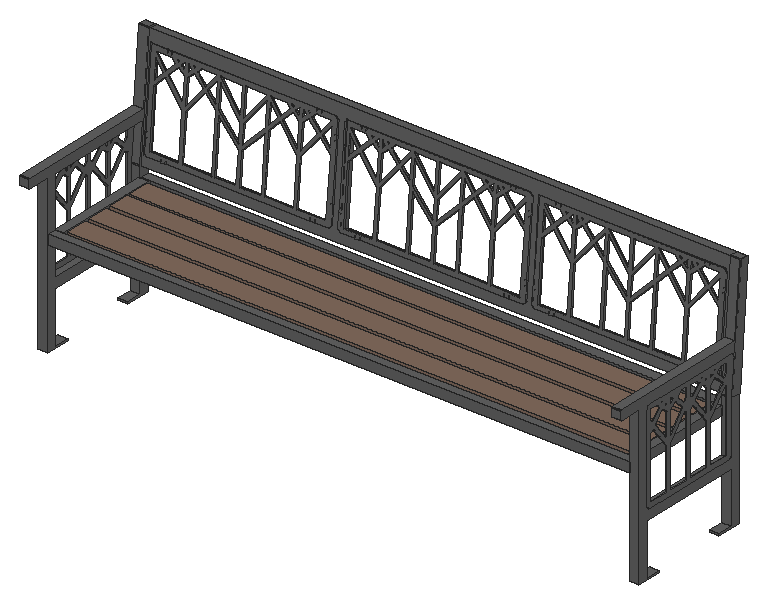
Revit family
Parameters (values of type "BN1-2000")
  Type Comments = "Backed Bench"
  Side Panel Width = Length  # 8' - 0"
  Seat Material = Wood - SiteScapes - IPE - Brown
  Product Page URL = "http://www.sitescapesonline.com/banning-park-benches.asp"
  Product Documentation Link = "http://www.sitescapesonline.com/PDF/BN1-2000%20-%20Customer%20Print.PDF"
  Panel Back Width = 7' - 7"
  Panel Back Inset Back = 0' - 2 7/8"
  Model = "BN1-2000"
  Manufacturer = "SiteScapes Inc."  # constant formula
  Length = 8' - 0"
  Height = 3' - 1 159/256"  # constant formula
  Frame Width = 7' - 9"
  Bench Material = Steel - SiteScapes - Powder Coat - Onyx
  Frame Back Inset Back = 0' - 1 1/4"
  Description = "Banning Pattern, Backed Bench, Six foot length, Steel Bar Ends"
  Depth = 2' - 1 3/16"  # constant formula
  Copyright © = " 2010 SiteScapes Inc."  # constant formula
  Bracing Width [instance] = 1' - 8"
  Panel Back Type = Panel-Back-SiteScapes-Steel_Sheet_Metal-8ft : 5 5/8"x1' 3 5/8"
  Panel Type = Seat-Panel-SiteScapes-Slat : Wood_Slats-8ft
  Bracing Horizontal Type = Bracing-Horizontal-SiteScapes-Square_Steel_Tube : Square_Steel_Tube-8ft
  Frame Type = Frame-Type-SiteScapes-Square_Steel_Tube-8ft : 5 5/8"x1' 3 13/32"
Reference planes (in)
  plane 1 "Center Front/Back": y = 0
  plane 2 "Original Bottom": z = 0
  plane 3 "Center Left/Right": x = 0
  plane 4 "Left": x = -48
  plane 5 "Right": x = 48
  plane 6 "Side Panel Width L": x = -46.5
  plane 7 "Side Panel Width R": x = 46.5
  plane 8 "Front": y = -25.1875
  plane 9 "Frame Side Origin F/B": y = -3
  plane 10 "Frame Side Origin T/B": z = 0
  plane 11 "Frame Back Origin F/B": y = -1.25
  plane 12 "Frame Back Origin T/B": z = 37.625
  plane 13 "Bracing Origin F/B": y = -23
  plane 14 "Bracing Origin T/B": z = 17
  plane 15 "Panel Seat Origin F/B": y = -21.5
  plane 16 "Panel Seat Origin T/B": z = 17
  plane 17 "Panel Back Origin F/B": y = -2.875
  plane 18 "Panel Back Origin T/B": z = 35.75
  plane 19 "Panel Side Origin F/B": y = -4.625
  plane 20 "Panel Side Origin T/B": z = 10
  plane 21 "Top": z = 37.62109
  plane 22 "Side Panel Right": x = 48
  plane 23 "Side Panel Left": x = -48
  plane 24 "Arm Rest Origin T/B": z = 0
Dimensions and locks (in)
  equal spacing: plane 4 "Left", plane 3 "Center Left/Right", plane 5 "Right"
  "Length": plane 4 "Left" to plane 5 "Right"
  locked: plane 23 "Side Panel Left" to plane 6 "Side Panel Width L" at 1.5
  locked: plane 7 "Side Panel Width R" to plane 22 "Side Panel Right" at 1.5
  locked: plane 9 "Frame Side Origin F/B" to plane 1 "Center Front/Back" at 3
  "Panel Back Inset Back": plane 17 "Panel Back Origin F/B" to plane 1 "Center Front/Back"
  "Frame Back Inset Back": plane 11 "Frame Back Origin F/B" to plane 1 "Center Front/Back"
  locked: plane 19 "Panel Side Origin F/B" to plane 1 "Center Front/Back" at 4.625
  locked: plane 13 "Bracing Origin F/B" to plane 1 "Center Front/Back" at 23
  locked: plane 15 "Panel Seat Origin F/B" to plane 1 "Center Front/Back" at 21.5
  "Depth": plane 8 "Front" to plane 1 "Center Front/Back"
  locked: plane 10 "Frame Side Origin T/B" to plane 2 "Original Bottom"
  locked: plane 12 "Frame Back Origin T/B" to plane 2 "Original Bottom" at 37.625
  locked: plane 18 "Panel Back Origin T/B" to plane 2 "Original Bottom" at 35.75
  locked: plane 14 "Bracing Origin T/B" to plane 2 "Original Bottom" at 17
  locked: plane 20 "Panel Side Origin T/B" to plane 2 "Original Bottom" at 10
  locked: plane 16 "Panel Seat Origin T/B" to plane 2 "Original Bottom" at 17
  "Height": plane 21 "Top" to plane 2 "Original Bottom"
  equal spacing: plane 23 "Side Panel Left", plane 3 "Center Left/Right", plane 22 "Side Panel Right"
  "Side Panel Width": plane 23 "Side Panel Left" to plane 22 "Side Panel Right"
  locked: plane 24 "Arm Rest Origin T/B" to plane 2 "Original Bottom" at 0
  plane 9 "Frame Side Origin F/B" to plane 13 "Bracing Origin F/B" = 1' - 8"
  aligned and locked: level to plane 2 "Original Bottom"
  aligned: nested 1 to plane 5 "Right"
  aligned: plane 4 "Left" to nested 2
  aligned: plane 10 "Frame Side Origin T/B" to nested 1  (x2)
  aligned: nested 1 to plane 9 "Frame Side Origin F/B"
  aligned and locked: plane 3 "Center Left/Right" to nested 3
  aligned and locked: nested 3 to plane 17 "Panel Back Origin F/B"
  aligned and locked: plane 18 "Panel Back Origin T/B" to nested 3
  aligned and locked: plane 12 "Frame Back Origin T/B" to nested 4
  aligned and locked: nested 4 to plane 11 "Frame Back Origin F/B"
  aligned and locked: plane 3 "Center Left/Right" to nested 4
  aligned: nested 1 to plane 22 "Side Panel Right"  (x2)
  aligned: plane 23 "Side Panel Left" to nested 2  (x3)
  aligned and locked: plane 24 "Arm Rest Origin T/B" to nested 5
  aligned: plane 3 "Center Left/Right" to nested 5
  aligned and locked: plane 10 "Frame Side Origin T/B" to nested 2
  aligned and locked: nested 1 to plane 9 "Frame Side Origin F/B"
  aligned and locked: plane 10 "Frame Side Origin T/B" to nested 1
  aligned: nested 2 to plane 9 "Frame Side Origin F/B"
  aligned: plane 13 "Bracing Origin F/B" to nested 2  (x2)
  aligned: plane 15 "Panel Seat Origin F/B" to nested 2
  aligned and locked: nested 2 to plane 6 "Side Panel Width L"
  aligned and locked: plane 7 "Side Panel Width R" to nested 1
  aligned and locked: plane 16 "Panel Seat Origin T/B" to nested 6
  aligned: plane 15 "Panel Seat Origin F/B" to nested 6  (x2)
  aligned and locked: nested 2 to plane 9 "Frame Side Origin F/B"
  aligned and locked: plane 20 "Panel Side Origin T/B" to nested 7
  aligned and locked: plane 20 "Panel Side Origin T/B" to nested 8
  aligned and locked: nested 7 to plane 19 "Panel Side Origin F/B"
  aligned and locked: nested 8 to plane 19 "Panel Side Origin F/B"
  aligned and locked: plane 23 "Side Panel Left" to nested 7
  aligned and locked: nested 8 to plane 22 "Side Panel Right"
  aligned and locked: plane 3 "Center Left/Right" to nested 9
  aligned and locked: plane 14 "Bracing Origin T/B" to nested 9
  aligned and locked: plane 13 "Bracing Origin F/B" to nested 9
  aligned and locked: plane 3 "Center Left/Right" to nested 6
Nested families (in)
  nested 1: "Frame-Side-SiteScapes-Wall_Steel_Tubing" at (47.25, -3, 0), type "27 3/4"x33 7/8""
  nested 2: "Frame-Side-SiteScapes-Wall_Steel_Tubing" at (-47.25, -3, 0), type "27 3/4"x33 7/8""
  nested 3: "Panel-Back-SiteScapes-Steel_Sheet_Metal-8ft" at (-1.75046, -2.875, 20.12747), type <- "Panel Back Type", type "5 5/8"x1' 3 5/8""
    with Depth 0' - 1 1/2"
  nested 4: "Frame-Type-SiteScapes-Square_Steel_Tube-8ft" at (0, -1.25, 18.56589), type <- "Frame Type", type "5 5/8"x1' 3 13/32""
  nested 5: "Unused-SiteScapes-Component" at (-0.25, -4.75, 0), type "Empty Space"
  nested 6: "Seat-Panel-SiteScapes-Slat" at (0, -5.0625, 16), type <- "Panel Type", type "Wood_Slats-8ft"
  nested 7: "Bench-End-SiteScapes-Square_Steel_Tube" at (-47.91016, -4.625, 10), type "1'8 3/4x9 1/4"x 5/16""
  nested 8: "Bench-End-SiteScapes-Square_Steel_Tube" at (47.91016, -4.625, 10), type "1'8 3/4x9 1/4"x 5/16""
  nested 9: "Bracing-Horizontal-SiteScapes-Square_Steel_Tube" at (0, -3, 15.5), type <- "Bracing Horizontal Type", type "Square_Steel_Tube-8ft"
    with Has Support Bars yes
Definition of nested family "Frame-Side-SiteScapes-Wall_Steel_Tubing"
  Parameters (values of type "27 3/4"x33 7/8"")
    Width = 0' - 1 1/2"
    Product Page URL = ""
    Product Documentation Link = ""
    Material = Steel - SiteScapes - Powder Coat - Onyx
    Frame Back Height = 2' - 9 7/8"
    Depth = 1' - 11.49714"
    Copyright © = ""
    Bracing Height Inset = 0' - 10"
    Assembly Code = ""
    Arm Rest Height = 2' - 2 1/4"
  Reference planes (in)
    plane 1 "Center (Front/Back)": y = 0
    plane 2 "Original Bottom": z = 0
    plane 3 "Center (Left/Right)": x = 0
    plane 4 "Left": x = -0.75
    plane 5 "Right": x = 0.75
    plane 6 "Right Offset": x = 1
    plane 7 "Left Offset": x = -1
    plane 8 "Bottom Base": z = 0.25
    plane 9 "Back Inset": y = -4
    plane 10 "Front": y = -20
    plane 11 "Front Inset": y = -16
    plane 12: z = 26.5
    plane 13: z = 10
  Forms (in)
    Sweep 1, solid, material "Steel - SiteScapes - Powder Coat - Onyx" <- "Material", detail levels medium+fine
      path origin (0, 0, 0) x (1, 0, 0) y (0, 0, 1)
        loop
          line (0.75, 33.875) -> (-0.75, 33.875)
      profile origin (0, 0, 33.875) x (0, 0, -1) y (0, -1, 0)
        loop
          line (15.33134, 0) -> (33.625, 0) -> (33.875, 0) -> (33.875, 4) -> (33.625, 4) -> (33.625, 1.5) -> (25.375, 1.5) -> (25.375, 18.5) -> (33.625, 18.5) -> (33.625, 16) -> (33.875, 16) -> (33.875, 20) -> (33.625, 20) -> (8.875, 20) -> (8.875, 23.49714) -> (8.75, 23.49714) -> (8.75, 23.62214) -> (7.5, 23.62214) -> (7.5, 23.49714) -> (7.375, 23.49714) -> (7.375, 0.80964) -> (-3.77059, -0.16547) -> (-3.75969, -0.29) -> (-3.88422, -0.30089) -> (-3.77527, -1.54613) -> (-3.65075, -1.53524) -> (-3.63986, -1.65976) -> (15.33134, 0)
        loop
          line (23.875, 1.5) -> (23.875, 18.5) -> (8.875, 18.5) -> (8.875, 0.94087) -> (15.15854, 1.49061)
          arc (15.15854, 1.49061) -> (15.26736, 1.49768) -> (15.37638, 1.5) r 2.5
          line (15.37638, 1.5) -> (23.875, 1.5)
  Lines and regions (in)
    Masking region 1, detail levels medium+fine
      outline origin (0, -27.75, 0) x (-1, 0, 0) y (0, 0, 1)
        loop
          line (0.75, 0) -> (0.75, 37.75922) -> (-0.75, 37.75922) -> (-0.75, 0) -> (0.75, 0)
    Masking region 2, detail levels medium+fine
      outline origin (0, 0, 0) x (0, 1, 0) y (0, 0, 1)
        loop
          line (-20, 0.25) -> (-20, 0) -> (-16, 0) -> (-16, 0.25) -> (-18.5, 0.25) -> (-18.5, 8.5) -> (-1.5, 8.5) -> (-1.5, 0.25) -> (-4, 0.25) -> (-4, 0) -> (0, 0) -> (0, 0.25) -> (0, 18.54366) -> (1.65976, 37.51486) -> (0.16547, 37.64559) -> (-0.80964, 26.5) -> (-23.49714, 26.5) -> (-23.49714, 26.25) -> (-23.49714, 25.25) -> (-23.49714, 25) -> (-20, 25) -> (-20, 0.25)
        loop
          line (-18.5, 25) -> (-18.5, 10) -> (-1.5, 10) -> (-1.5, 18.49862)
          arc (-1.5, 18.49862) -> (-1.49768, 18.60764) -> (-1.49061, 18.71646) r 2.5
          line (-1.49061, 18.71646) -> (-0.94087, 25) -> (-18.5, 25)
    Masking region 3, detail levels medium+fine
      outline origin (0, 0, 0) x (1, 0, 0) y (0, 1, 0)
        loop
          line (-0.75, 1.65976) -> (-0.75, -23.62214) -> (0.75, -23.62214) -> (0.75, 1.65976) -> (-0.75, 1.65976)
    model lines, detail levels coarse
      curve 1: line (0, -20, 0) -> (0, -16, 0)
      curve 2: line (0, -4, 0) -> (0, 0, 0)
      curve 3: line (0, -19.25, 25.75) -> (0, -19.25, 0)
      curve 4: line (0, -19.25, 9.25) -> (0, -0.75, 9.25)
      curve 5: line (0, -0.75, 0) -> (0, -0.75, 18.71646)
      curve 6: line (0, -23.49714, 25.75) -> (0, -0.13464, 25.75)
      curve 7: line (0, 0.90046, 37.58128) -> (0, -0.75, 18.71646)
  Dimensions and locks (in)
    equal spacing: plane 4 "Left", plane 3 "Center (Left/Right)", plane 5 "Right"
    "Width": plane 4 "Left" to plane 5 "Right"
    plane 5 "Right" to plane 6 "Right Offset" = 0' - 0 1/4"
    locked: plane 7 "Left Offset" to plane 4 "Left" at 0.25
    locked: plane 8 "Bottom Base" to plane 2 "Original Bottom" at 0.25
    "Arm Rest Height": plane 12 to plane 8 "Bottom Base"
    "Bracing Height Inset": plane 13 to plane 2 "Original Bottom"
    aligned and locked: plane 2 "Original Bottom" to level
    aligned: Masking region 1 to plane 6 "Right Offset"  (x3)
    aligned: Masking region 1 to plane 7 "Left Offset"  (x3)
    aligned: Masking region 1 to plane 5 "Right"
    aligned: Masking region 1 to plane 4 "Left"
    aligned and locked: level to Masking region 1
    aligned: Sweep 1 to Masking region 3 sketch curve
    aligned: Masking region 1 to Sweep 1  (x2)
    aligned: Masking region 1 to plane 8 "Bottom Base"  (x2)
    aligned and locked: Sweep 1 to plane 9 "Back Inset"
    aligned and locked: Sweep 1 to plane 1 "Center (Front/Back)"
    aligned and locked: Sweep 1 to plane 10 "Front"
    aligned and locked: Masking region 2 to plane 9 "Back Inset"
    aligned and locked: Masking region 2 to plane 1 "Center (Front/Back)"
    aligned and locked: plane 11 "Front Inset" to Sweep 1
    aligned and locked: Masking region 2 to Sweep 1  (x7)
    aligned and locked: Masking region 2 to plane 10 "Front"
    aligned and locked: Sweep 1 to Masking region 2  (x2)
    aligned and locked: plane 8 "Bottom Base" to Masking region 2
    aligned and locked: plane 11 "Front Inset" to Masking region 2
    aligned and locked: Masking region 2 to level  (x2)
    aligned and locked: Masking region 1 to Sweep 1
    aligned and locked: Masking region 3 to Sweep 1  (x2)
    aligned and locked: plane 12 to Sweep 1
    aligned and locked: plane 13 to Sweep 1
    aligned and locked: curve 1 to Masking region 2
    aligned and locked: curve 2 to Masking region 2
    aligned: Sweep 1 to Masking region 1 sketch curve
    aligned: plane 7 "Left Offset" to Sweep 1
    aligned: plane 6 "Right Offset" to Sweep 1
    aligned and locked: Sweep 1 to plane 2 "Original Bottom"
    aligned: Sweep 1 to plane 7 "Left Offset"  (x2)
    aligned: Sweep 1 to plane 6 "Right Offset"  (x2)
    aligned and locked: plane 5 "Right" to Sweep 1 sketch curve
    aligned and locked: plane 4 "Left" to Sweep 1 sketch curve
    aligned and locked: Masking region 1 sketch curve to plane 5 "Right"
    aligned and locked: Masking region 1 sketch curve to Sweep 1
    aligned and locked: Masking region 3 sketch curve to plane 5 "Right"
    aligned and locked: Masking region 3 sketch curve to plane 4 "Left"
  Automatic sketch dimensions
    Sweep 1 sketch curve to plane 1 "Center (Front/Back)" = 0' - 0"
    Sweep 1 sketch curve to plane 1 "Center (Front/Back)" = 0' - 0.30089"
    profile plane to Sweep 1 sketch curve = 0' - 3.88422"
    Sweep 1 sketch curve to plane 1 "Center (Front/Back)" = 0' - 1.54613"
    Sweep 1 sketch curve to Sweep 1 sketch curve = 0' - 0.10895"
    Sweep 1 sketch curve to plane 1 "Center (Front/Back)" = 0' - 0.16547"
    Sweep 1 sketch curve to Sweep 1 sketch curve = 0' - 0.11363"
    Sweep 1 sketch curve to plane 1 "Center (Front/Back)" = 0' - 0.29"
    Sweep 1 sketch curve to plane 1 "Center (Front/Back)" = 0' - 1.53524"
    Sweep 1 sketch curve to Sweep 1 sketch curve = 0' - 0.12452"
    Sweep 1 sketch curve to plane 1 "Center (Front/Back)" = 0' - 1.65976"
    plane 1 "Center (Front/Back)" to Sweep 1 sketch curve = 0' - 0.80964"
    Sweep 1 sketch curve to profile plane = 0' - 7 3/8"
    Sweep 1 sketch curve to Sweep 1 sketch curve = 0' - 0 1/8"  (x3)
    Sweep 1 sketch curve to Sweep 1 sketch curve = 0' - 1 1/4"
    Sweep 1 sketch curve to Sweep 1 sketch curve = 0' - 0"  (x4)
    plane 1 "Center (Front/Back)" to Sweep 1 sketch curve = 0' - 1.49061"
    Sweep 1 sketch curve to Sweep 1 sketch curve = 0' - 6.28354"
    Sweep 1 sketch curve to Sweep 1 sketch curve = 0' - 0.1728"
    Sweep 1 sketch curve to Sweep 1 sketch curve = 0' - 0.04366"
    Sweep 1 sketch curve to Sweep 1 sketch curve = 0' - 0.21784"
    Sweep 1 sketch curve to Sweep 1 sketch curve = 0' - 8.49862"
    Sweep 1 sketch curve to Sweep 1 sketch curve = 0' - 1 1/2"  (x2)
    plane 1 "Center (Front/Back)" to Sweep 1 sketch curve = 0' - 1 1/2"
    Sweep 1 sketch curve to Sweep 1 sketch curve = 0' - 8 1/4"  (x2)
    Sweep 1 sketch curve to Sweep 1 sketch curve = 0' - 0 1/4"  (x2)
    Sweep 1 sketch curve to plane 1 "Center (Front/Back)" = 0' - 1"
    plane 1 "Center (Front/Back)" to Sweep 1 sketch curve = 0' - 0.94087"
    Sweep 1 sketch curve to Sweep 1 sketch curve = 0' - 2 1/2"  (x3)
    Sweep 1 sketch curve to Sweep 1 sketch curve = 1' - 0"
    Sweep 1 sketch curve to Sweep 1 sketch curve = 0' - 3.49714"
    Masking region 2 sketch curve to plane 12 = 0' - 0"
    Masking region 2 sketch curve to plane 10 "Front" = 0' - 0"
    Masking region 2 sketch curve to plane 13 = 0' - 0"
    Masking region 2 sketch curve to plane 8 "Bottom Base" = 0' - 0"
    Masking region 2 sketch curve to plane 11 "Front Inset" = 0' - 0"
    Masking region 2 sketch curve to plane 9 "Back Inset" = 0' - 0"
    Masking region 2 sketch curve to plane 1 "Center (Front/Back)" = 0' - 0"
    Masking region 2 sketch curve to level = 0' - 0"  (x2)
    Masking region 2 sketch curve to plane 10 "Front" = 0' - 3.49714"
    plane 10 "Front" to Masking region 2 sketch curve = 0' - 1 1/2"
    Masking region 2 sketch curve to Masking region 2 sketch curve = 0' - 0"
    plane 8 "Bottom Base" to Masking region 2 sketch curve = 0' - 0"  (x3)
    plane 1 "Center (Front/Back)" to Masking region 2 sketch curve = 0' - 1 1/2"  (x2)
    Masking region 2 sketch curve to Masking region 2 sketch curve = 0' - 0.00939"
    plane 1 "Center (Front/Back)" to Masking region 2 sketch curve = 0' - 0.94087"
    plane 1 "Center (Front/Back)" to Masking region 2 sketch curve = 0' - 0.80964"
    Masking region 2 sketch curve to plane 1 "Center (Front/Back)" = 0' - 0.16547"
    Masking region 2 sketch curve to plane 1 "Center (Front/Back)" = 0' - 1"
    Masking region 2 sketch curve to Masking region 2 sketch curve = 0' - 1.49429"
    Masking region 2 sketch curve to Masking region 2 sketch curve = 0' - 1 1/2"
    Masking region 2 sketch curve to plane 12 = 0' - 8.00138"
    Masking region 2 sketch curve to Masking region 2 sketch curve = 0' - 0.00138"
    Masking region 2 sketch curve to Masking region 2 sketch curve = 0' - 0.04366"
    Masking region 2 sketch curve to plane 12 = 0' - 1 1/2"  (x2)
    Masking region 2 sketch curve to Masking region 2 sketch curve = 0' - 0 1/4"  (x2)
    plane 12 to Masking region 2 sketch curve = 0' - 11.01486"
    Masking region 2 sketch curve to Masking region 2 sketch curve = 0' - 0.13073"
    curve 1 to plane 10 "Front" = 0' - 0"
    curve 1 to plane 11 "Front Inset" = 0' - 0"
    curve 2 to plane 9 "Back Inset" = 0' - 0"
    curve 2 to plane 1 "Center (Front/Back)" = 0' - 0"
    curve 6 to plane 12 = 0' - 0 3/4"
    curve 6 to plane 10 "Front" = 0' - 3.49714"
    plane 10 "Front" to curve 4 = 0' - 0 3/4"
    plane 1 "Center (Front/Back)" to curve 5 = 0' - 0 3/4"
    plane 1 "Center (Front/Back)" to curve 6 = 0' - 0.13464"
    curve 4 to plane 13 = 0' - 0 3/4"
    level to curve 7 = 3' - 1.58128"
    curve 7 to plane 1 "Center (Front/Back)" = 0' - 0.90046"
    plane 12 to Sweep 1 sketch curve = 0' - 7 3/8"
    Masking region 1 sketch curve to level = 0' - 0"
    plane 12 to Masking region 1 sketch curve = 0' - 11.25922"
    Masking region 3 sketch curve to plane 10 "Front" = 0' - 3.62214"
    Masking region 3 sketch curve to plane 1 "Center (Front/Back)" = 0' - 1.65976"
Definition of nested family "Panel-Back-SiteScapes-Steel_Sheet_Metal-8ft"
  Parameters (values of type "5 5/8"x1' 3 5/8"")
    URL = "http://www.sitescapesonline.com/index.asp"
    Panel Width = 8' - 0"
    Product Page URL = ""
    Product Documentation Link = ""
    Material = none
    Manufacturer = "SiteScapes Inc."  # constant formula
    Height = 1' - 3.62253"
    Depth = 0' - 0 37/256"
    Copyright © = "2010 SiteScapes Inc."  # constant formula
  Reference planes (in)
    plane 1 "Center (Front/Back)": y = 0
    plane 2 "Original Bottom": z = 0
    plane 3 "Center (Left/Right)": x = 1.75046
    plane 4: x = -45.71829
    plane 5: x = -45.96829
    plane 6: x = 49.2192
    plane 7: x = 49.4692
    plane 8 "Top": z = 15.62253
    plane 9: x = -13.96829
    plane 10: x = -15.53079
    plane 11: x = -44.21829
    plane 12: x = 47.7192
    plane 13: through (0, -1.35733, 0) normal (0, 0.9958, -0.0913)
    plane 14: through (0, -1.49557, 0.07511) normal (0, 0.9958, -0.0913)
  Dimensions and locks (in)
    locked: plane 5 to plane 4 at 0.25
    locked: plane 6 to plane 7 at 0.25
    "Height": plane 8 "Top" to plane 2 "Original Bottom"
    equal spacing: plane 4, plane 3 "Center (Left/Right)", plane 6
    plane 4 to plane 6 = 7' - 10 15/16"
    equal spacing: group 1, group 2, group 3  (x3)
    equal spacing: plane 11, plane 3 "Center (Left/Right)", plane 12
    aligned and locked: plane 2 "Original Bottom" to level
    aligned and locked: plane 8 "Top" to nested 1
    aligned and locked: plane 11 to nested 1
    aligned and locked: nested 3 to plane 12
    aligned and locked: nested 1 to plane 13
    aligned and locked: plane 14 to nested 3
  Nested families (in)
    nested 1: "Panel-Back-SiteScapes-Steel_Sheet_Metal_96_Single" at (-16.78125, -0.75, 0), type "5 5/8"x1' 3 5/8""
    nested 2: "Panel-Back-SiteScapes-Steel_Sheet_Metal_96_Single" at (14.21875, -0.75, 0), type "5 5/8"x1' 3 5/8""
    nested 3: "Panel-Back-SiteScapes-Steel_Sheet_Metal_96_Single" at (45.21874, -0.75, 0), type "5 5/8"x1' 3 5/8""
  Definition of nested family "Panel-Back-SiteScapes-Steel_Sheet_Metal_96_Single"
    Parameters (values of type "5 5/8"x1' 3 5/8"")
      Panel Width = 5' - 8"
      Product Page URL = ""
      Product Documentation Link = ""
      Material = none
      Height = 1' - 3.62253"
      Depth = 0' - 0 37/256"
      Copyright © = ""
    Reference planes (in)
      plane 1 "Center (Front/Back)": y = 0
      plane 2 "Original Bottom": z = 0
      plane 3 "Center (Left/Right)": x = -12.46829
      plane 4 "Front": y = -0.07227
      plane 5 "Back": y = 0.07227
      plane 6: x = -27.43704
      plane 7: x = -27.68704
      plane 8: x = 2.50046
      plane 9: x = 2.75046
      plane 10 "Top": z = 15.62253
      plane 11 "ANGLE": through (0, -0.67528, 0.05033) normal (0, -0.9958, 0.0913)
      plane 12: through (0, -0.60542, 0.02079) normal (0, -0.9958, 0.0913)
      plane 13: through (0, -0.88249, -1.41755) normal (0, -0.9958, 0.0913)
    Forms (in)
      Extrusion 1, solid, material <- "Material", detail levels medium+fine
        sketch origin (31.50046, -1.4345, -0.01593) x (-1, 0, 0) y (0, 0.091346, 0.995819)
          loop
            line (55.50035, 15.70411) -> (32.43761, 15.70411) -> (32.43761, 15.38793)
            arc (32.43761, 15.38793) -> (32.42073, 15.37162) -> (32.40385, 15.38793) r 0.01689
            line (32.40385, 15.38793) -> (32.40385, 15.68585) -> (31.65732, 15.68585) -> (31.65732, 15.48589) -> (31.65732, 15.38831)
            arc (31.65732, 15.38831) -> (31.64084, 15.3724) -> (31.62436, 15.38831) r 0.01649
            line (31.62436, 15.38831) -> (31.62436, 15.70411) -> (29.375, 15.70411) -> (29, 15.33214) -> (29, 13.10015) -> (29.31223, 13.10015)
            arc (29.31223, 13.10015) -> (29.32818, 13.08427) -> (29.31223, 13.06839) r 0.01588
            line (29.31223, 13.06839) -> (29.21996, 13.06839)
            arc (29.21996, 13.06839) -> (29.10917, 13.06827) -> (29, 13.04934) r 0.64999
            line (29, 13.04934) -> (29, 12.30714)
            arc (29, 12.30714) -> (29.1092, 12.32611) -> (29.22004, 12.32627) r 0.65084
            line (29.22004, 12.32627) -> (29.31772, 12.32627)
            arc (29.31772, 12.32627) -> (29.33363, 12.31043) -> (29.31772, 12.29459) r 0.01584
            line (29.31772, 12.29459) -> (29, 12.29459) -> (29, 3.61495) -> (29.31783, 3.61495)
            arc (29.31783, 3.61495) -> (29.33382, 3.59902) -> (29.31783, 3.5831) r 0.01592
            line (29.31783, 3.5831) -> (29.21996, 3.5831)
            arc (29.21996, 3.5831) -> (29.10915, 3.58298) -> (28.99998, 3.56405) r 0.64997
            line (28.99998, 3.56405) -> (28.99998, 2.82218)
            arc (28.99998, 2.82218) -> (29.10919, 2.84116) -> (29.22005, 2.84132) r 0.65101
            line (29.22005, 2.84132) -> (29.31923, 2.84132)
            arc (29.31923, 2.84132) -> (29.33685, 2.82377) -> (29.31923, 2.80622) r 0.01755
            line (29.31923, 2.80622) -> (29, 2.80622) -> (29, 0.56169) -> (29.375, 0.18971) -> (31.62419, 0.18971) -> (31.62419, 0.52127)
            arc (31.62419, 0.52127) -> (31.64081, 0.53731) -> (31.65742, 0.52127) r 0.01662
            line (31.65742, 0.52127) -> (31.65742, 0.15359) -> (32.40715, 0.15359) -> (32.40715, 0.5154)
            arc (32.40715, 0.5154) -> (32.42165, 0.52941) -> (32.43616, 0.5154) r 0.01451
            line (32.43616, 0.5154) -> (32.43616, 0.18971) -> (55.49952, 0.18971) -> (55.49952, 0.54878)
            arc (55.49952, 0.54878) -> (55.51543, 0.56392) -> (55.53133, 0.54877) r 0.01593
            line (55.53133, 0.54877) -> (55.53133, 0.16919) -> (55.57227, 0.15696) -> (56.23871, 0.15696) -> (56.27819, 0.1677) -> (56.27819, 0.55112)
            arc (56.27819, 0.55112) -> (56.29449, 0.56663) -> (56.31079, 0.55111) r 0.01632
            line (56.31079, 0.55111) -> (56.31079, 0.20534) -> (58.5625, 0.20534) -> (58.93774, 0.57731) -> (58.93774, 2.80707) -> (58.62626, 2.80707)
            arc (58.62626, 2.80707) -> (58.60917, 2.82409) -> (58.62626, 2.84111) r 0.01702
            line (58.62626, 2.84111) -> (58.71741, 2.84111)
            arc (58.71741, 2.84111) -> (58.82827, 2.84094) -> (58.9375, 2.82195) r 0.65086
            line (58.9375, 2.82195) -> (58.9375, 3.56439)
            arc (58.9375, 3.56439) -> (58.82833, 3.58332) -> (58.71753, 3.58345) r 0.65011
            line (58.71753, 3.58345) -> (58.62486, 3.58345)
            arc (58.62486, 3.58345) -> (58.60922, 3.59902) -> (58.62486, 3.6146) r 0.01558
            line (58.62486, 3.6146) -> (58.9375, 3.6146) -> (58.9375, 12.29323) -> (58.6257, 12.29323)
            arc (58.6257, 12.29323) -> (58.60922, 12.30965) -> (58.6257, 12.32606) r 0.01642
            line (58.6257, 12.32606) -> (58.71746, 12.32606)
            arc (58.71746, 12.32606) -> (58.82828, 12.32591) -> (58.93745, 12.30695) r 0.65071
            line (58.93745, 12.30695) -> (58.93745, 13.04912)
            arc (58.93745, 13.04912) -> (58.82831, 13.06804) -> (58.71754, 13.06816) r 0.64985
            line (58.71754, 13.06816) -> (58.62558, 13.06816)
            arc (58.62558, 13.06816) -> (58.60938, 13.08429) -> (58.62558, 13.10042) r 0.01613
            line (58.62558, 13.10042) -> (58.9375, 13.10042) -> (58.9375, 15.33214) -> (58.5625, 15.70411) -> (56.31079, 15.70411) -> (56.31079, 15.30371)
            arc (56.31079, 15.30371) -> (56.29433, 15.28131) -> (56.28079, 15.30559) r 0.01652
            line (56.28079, 15.30559) -> (56.28079, 15.68585) -> (55.53079, 15.68585) -> (55.53079, 15.29417)
            arc (55.53079, 15.29417) -> (55.51269, 15.28294) -> (55.50035, 15.30031) r 0.01556
            line (55.50035, 15.30031) -> (55.50035, 15.70411)
          loop
            arc (58.00038, 10.96366) -> (58.03409, 10.95607) -> (58.05423, 10.98414) r 0.03129
            line (58.05423, 10.98414) -> (58.05423, 14.02316)
            arc (58.05423, 14.02316) -> (58.03271, 14.0517) -> (57.99847, 14.04144) r 0.03129
            line (57.99847, 14.04144) -> (56.67654, 12.38004)
            arc (56.67654, 12.38004) -> (56.66987, 12.35942) -> (56.67843, 12.33951) r 0.03081
            line (56.67843, 12.33951) -> (58.00038, 10.96366)
          loop
            arc (56.33259, 11.8907) -> (56.30869, 11.9002) -> (56.2857, 11.88866) r 0.03142
            line (56.2857, 11.88866) -> (53.4052, 8.26719) -> (53.4052, 0.97762)
            arc (53.4052, 0.97762) -> (53.41458, 0.95602) -> (53.43639, 0.94717) r 0.03112
            line (53.43639, 0.94717) -> (58.02304, 0.94716)
            arc (58.02304, 0.94716) -> (58.04486, 0.95601) -> (58.05423, 0.97761) r 0.03113
            line (58.05423, 0.97761) -> (58.05423, 10.09871) -> (56.33259, 11.8907)
          loop
            arc (56.26485, 12.77011) -> (56.28875, 12.76061) -> (56.31173, 12.77215) r 0.03141
            line (56.31173, 12.77215) -> (58.01482, 14.91275)
            arc (58.01482, 14.91275) -> (58.01769, 14.94525) -> (57.98988, 14.9623) r 0.03098
            line (57.98988, 14.9623) -> (55.57643, 14.9623) -> (54.83326, 14.30705)
            arc (54.83326, 14.30705) -> (54.82282, 14.2852) -> (54.83139, 14.26255) r 0.03083
            line (54.83139, 14.26255) -> (56.26485, 12.77011)
          loop
            arc (53.40521, 9.20634) -> (53.42672, 9.1778) -> (53.46096, 9.18806) r 0.03129
            line (53.46096, 9.18806) -> (55.9209, 12.28078)
            arc (55.9209, 12.28078) -> (55.92756, 12.30139) -> (55.91901, 12.3213) r 0.03081
            line (55.91901, 12.3213) -> (54.4091, 13.89332)
            arc (54.4091, 13.89332) -> (54.38784, 13.90276) -> (54.36592, 13.895) r 0.03142
            line (54.36592, 13.895) -> (53.40521, 13.04793) -> (53.40521, 9.20634)
          loop
            arc (54.40019, 14.71148) -> (54.42145, 14.70204) -> (54.44337, 14.7098) r 0.03143
            line (54.44337, 14.7098) -> (54.66894, 14.90869)
            arc (54.66894, 14.90869) -> (54.6766, 14.94275) -> (54.64767, 14.9623) r 0.03097
            line (54.64767, 14.9623) -> (54.2322, 14.9623)
            arc (54.2322, 14.9623) -> (54.20369, 14.94399) -> (54.20901, 14.91052) r 0.03098
            line (54.20901, 14.91052) -> (54.40019, 14.71148)
          loop
            arc (53.40521, 13.86255) -> (53.42415, 13.83496) -> (53.45719, 13.84028) r 0.03128
            line (53.45719, 13.84028) -> (53.97603, 14.29775)
            arc (53.97603, 14.29775) -> (53.98647, 14.3196) -> (53.9779, 14.34226) r 0.03083
            line (53.9779, 14.34226) -> (53.45906, 14.88244)
            arc (53.45906, 14.88244) -> (53.42535, 14.89003) -> (53.40521, 14.86196) r 0.03129
            line (53.40521, 14.86196) -> (53.40521, 13.86255)
          loop
            arc (52.79069, 13.84031) -> (52.82376, 13.83496) -> (52.8427, 13.86259) r 0.03128
            line (52.8427, 13.86259) -> (52.8427, 14.86198)
            arc (52.8427, 14.86198) -> (52.82255, 14.89004) -> (52.78885, 14.88244) r 0.03129
            line (52.78885, 14.88244) -> (52.27, 14.34226)
            arc (52.27, 14.34226) -> (52.26144, 14.3196) -> (52.27188, 14.29775) r 0.03083
            line (52.27188, 14.29775) -> (52.79069, 13.84031)
          loop
            arc (52.0389, 14.91052) -> (52.04424, 14.94394) -> (52.01581, 14.9623) r 0.03098
            line (52.01581, 14.9623) -> (51.60035, 14.9623)
            arc (51.60035, 14.9623) -> (51.57133, 14.94281) -> (51.57896, 14.90869) r 0.03097
            line (51.57896, 14.90869) -> (51.80454, 14.7098)
            arc (51.80454, 14.7098) -> (51.82646, 14.70203) -> (51.84772, 14.71147) r 0.03141
            line (51.84772, 14.71147) -> (52.0389, 14.91052)
          loop
            line (51.43881, 14.28575) -> (50.67148, 14.96231) -> (48.25849, 14.96231)
            spline (48.25849, 14.96231) -> (48.25271, 14.96177) -> (48.24714, 14.96017) -> (48.24195, 14.95757) -> (48.23735, 14.95406) -> (48.23347, 14.94976) -> (48.23047, 14.94481) -> (48.22844, 14.9394) -> (48.22746, 14.9337) -> (48.22755, 14.92793) -> (48.22872, 14.92227) -> (48.23093, 14.91692) -> (48.23409, 14.91208)
            line (48.23409, 14.91208) -> (49.9583, 12.74433) -> (51.43881, 14.28575)
          loop
            arc (52.78695, 9.18806) -> (52.82118, 9.1778) -> (52.8427, 9.20634) r 0.03129
            line (52.8427, 9.20634) -> (52.8427, 13.04793) -> (51.88198, 13.895)
            arc (51.88198, 13.895) -> (51.86006, 13.90276) -> (51.83881, 13.89332) r 0.03142
            line (51.83881, 13.89332) -> (50.3289, 12.3213)
            arc (50.3289, 12.3213) -> (50.32035, 12.30139) -> (50.32701, 12.28078) r 0.03081
            line (50.32701, 12.28078) -> (52.78695, 9.18806)
          loop
            arc (49.56948, 12.33951) -> (49.57803, 12.35942) -> (49.57137, 12.38004) r 0.03081
            line (49.57137, 12.38004) -> (48.2499, 14.04144)
            arc (48.2499, 14.04144) -> (48.21566, 14.0517) -> (48.19414, 14.02316) r 0.03129
            line (48.19414, 14.02316) -> (48.19414, 10.98414)
            arc (48.19414, 10.98414) -> (48.21428, 10.95607) -> (48.24799, 10.96366) r 0.03129
            line (48.24799, 10.96366) -> (49.56948, 12.33951)
          loop
            arc (48.19414, 0.97761) -> (48.20351, 0.95601) -> (48.22533, 0.94716) r 0.03113
            line (48.22533, 0.94716) -> (52.81152, 0.94717)
            arc (52.81152, 0.94717) -> (52.83333, 0.95602) -> (52.8427, 0.97762) r 0.03112
            line (52.8427, 0.97762) -> (52.8427, 8.26719) -> (49.96221, 11.88866)
            arc (49.96221, 11.88866) -> (49.93922, 11.9002) -> (49.91532, 11.8907) r 0.03142
            line (49.91532, 11.8907) -> (48.19414, 10.09871) -> (48.19414, 0.97761)
          loop
            arc (44.31192, 14.9623) -> (44.26829, 14.94459) -> (44.24954, 14.9014) r 0.06225
            line (44.24954, 14.9014) -> (44.24954, 10.65929)
            arc (44.24954, 10.65929) -> (44.27106, 10.63075) -> (44.3053, 10.641) r 0.03129
            line (44.3053, 10.641) -> (47.70303, 14.91275)
            arc (47.70303, 14.91275) -> (47.7059, 14.94525) -> (47.67809, 14.9623) r 0.03098
            line (47.67809, 14.9623) -> (44.31192, 14.9623)
          loop
            line (44.24954, 6.80072) -> (47.68704, 10.37963) -> (47.68704, 14.04189) -> (44.24954, 9.72014) -> (44.24954, 6.80072)
          loop
            line (44.24954, 5.99184) -> (44.24954, 0.97762)
            arc (44.24954, 0.97762) -> (44.25891, 0.95603) -> (44.28073, 0.94717) r 0.03112
            line (44.28073, 0.94717) -> (47.65585, 0.94717)
            arc (47.65585, 0.94717) -> (47.67767, 0.95603) -> (47.68704, 0.97762) r 0.03112
            line (47.68704, 0.97762) -> (47.68704, 9.4942)
            arc (47.68704, 9.4942) -> (47.6669, 9.52227) -> (47.63319, 9.51468) r 0.03129
            line (47.63319, 9.51468) -> (44.24954, 5.99184)
          loop
            arc (43.68704, 14.9014) -> (43.66829, 14.94459) -> (43.62466, 14.9623) r 0.06225
            line (43.62466, 14.9623) -> (40.25895, 14.9623)
            arc (40.25895, 14.9623) -> (40.23114, 14.94525) -> (40.23401, 14.91275) r 0.03098
            line (40.23401, 14.91275) -> (43.63128, 10.641)
            arc (43.63128, 10.641) -> (43.66552, 10.63075) -> (43.68704, 10.65929) r 0.03129
            line (43.68704, 10.65929) -> (43.68704, 14.9014)
          loop
            line (43.68704, 6.80072) -> (43.68704, 9.72014) -> (40.25, 14.04189) -> (40.25, 10.37963) -> (43.68704, 6.80072)
          loop
            arc (40.30385, 9.51468) -> (40.27014, 9.52227) -> (40.25, 9.4942) r 0.03129
            line (40.25, 9.4942) -> (40.25, 0.97762)
            arc (40.25, 0.97762) -> (40.25937, 0.95603) -> (40.28119, 0.94717) r 0.03112
            line (40.28119, 0.94717) -> (43.65585, 0.94717)
            arc (43.65585, 0.94717) -> (43.67767, 0.95603) -> (43.68704, 0.97762) r 0.03112
            line (43.68704, 0.97762) -> (43.68704, 5.99184) -> (40.30385, 9.51468)
          loop
            arc (38.02172, 11.8907) -> (37.99782, 11.9002) -> (37.97483, 11.88866) r 0.03142
            line (37.97483, 11.88866) -> (35.09434, 8.26719) -> (35.09434, 0.97762)
            arc (35.09434, 0.97762) -> (35.10371, 0.95602) -> (35.12552, 0.94717) r 0.03112
            line (35.12552, 0.94717) -> (39.71125, 0.94716)
            arc (39.71125, 0.94716) -> (39.73323, 0.95598) -> (39.74291, 0.97761) r 0.0316
            line (39.74291, 0.97761) -> (39.74291, 10.09871) -> (38.02172, 11.8907)
          loop
            arc (38.36567, 12.38004) -> (38.35901, 12.35942) -> (38.36756, 12.33951) r 0.03081
            line (38.36756, 12.33951) -> (39.68906, 10.96366)
            arc (39.68906, 10.96366) -> (39.72276, 10.95607) -> (39.7429, 10.98414) r 0.03129
            line (39.7429, 10.98414) -> (39.7429, 14.02316)
            arc (39.7429, 14.02316) -> (39.72138, 14.0517) -> (39.68714, 14.04144) r 0.03129
            line (39.68714, 14.04144) -> (38.36567, 12.38004)
          loop
            arc (39.70349, 14.91275) -> (39.70636, 14.94525) -> (39.67855, 14.9623) r 0.03098
            line (39.67855, 14.9623) -> (37.26556, 14.9623) -> (36.52239, 14.30705)
            arc (36.52239, 14.30705) -> (36.51195, 14.2852) -> (36.52052, 14.26255) r 0.03083
            line (36.52052, 14.26255) -> (37.95398, 12.77011)
            arc (37.95398, 12.77011) -> (37.97788, 12.76061) -> (38.00087, 12.77215) r 0.03141
            line (38.00087, 12.77215) -> (39.70349, 14.91275)
          loop
            line (35.89874, 14.9099) -> (36.08916, 14.71165)
            spline (36.08916, 14.71165) -> (36.0921, 14.70896) -> (36.09536, 14.70666) -> (36.09889, 14.70479) -> (36.10263, 14.70338) -> (36.10652, 14.70246) -> (36.1105, 14.70205) -> (36.1145, 14.70214) -> (36.11845, 14.70273) -> (36.12229, 14.70382) -> (36.12597, 14.70539) -> (36.12941, 14.70742) -> (36.13257, 14.70986)
            line (36.13257, 14.70986) -> (36.35745, 14.90814)
            spline (36.35745, 14.90814) -> (36.36169, 14.91272) -> (36.36492, 14.91806) -> (36.36702, 14.92392) -> (36.3679, 14.93009) -> (36.36752, 14.93631) -> (36.3659, 14.94232) -> (36.3631, 14.94789) -> (36.35924, 14.95279) -> (36.35448, 14.95683) -> (36.349, 14.95983) -> (36.34303, 14.96168) -> (36.3368, 14.96231)
            line (36.3368, 14.96231) -> (35.92134, 14.96231)
            spline (35.92134, 14.96231) -> (35.91531, 14.96174) -> (35.90951, 14.96003) -> (35.90415, 14.95723) -> (35.89944, 14.95345) -> (35.89555, 14.94883) -> (35.89263, 14.94355) -> (35.89079, 14.9378) -> (35.89011, 14.93182) -> (35.8906, 14.92581) -> (35.89225, 14.92001) -> (35.895, 14.91464) -> (35.89874, 14.9099)
          loop
            line (35.66702, 14.34227) -> (35.14819, 14.88245)
            spline (35.14819, 14.88245) -> (35.14349, 14.88645) -> (35.1381, 14.88946) -> (35.13221, 14.89136) -> (35.12606, 14.89206) -> (35.1199, 14.89154) -> (35.11396, 14.88982) -> (35.10847, 14.88697) -> (35.10366, 14.88311) -> (35.0997, 14.87837) -> (35.09676, 14.87295) -> (35.09495, 14.86706) -> (35.09434, 14.86093)
            line (35.09434, 14.86093) -> (35.09434, 13.86347)
            spline (35.09434, 13.86347) -> (35.09493, 13.85756) -> (35.09663, 13.85187) -> (35.09939, 13.84661) -> (35.1031, 13.84197) -> (35.10763, 13.83811) -> (35.11281, 13.83517) -> (35.11846, 13.83327) -> (35.12437, 13.83248) -> (35.13032, 13.83281) -> (35.1361, 13.83426) -> (35.1415, 13.83678) -> (35.14632, 13.84027)
            line (35.14632, 13.84027) -> (35.66517, 14.29775)
            spline (35.66517, 14.29775) -> (35.66809, 14.30069) -> (35.67059, 14.30401) -> (35.67263, 14.30762) -> (35.67416, 14.31147) -> (35.67516, 14.3155) -> (35.67561, 14.31962) -> (35.6755, 14.32376) -> (35.67484, 14.32785) -> (35.67363, 14.33182) -> (35.67191, 14.33559) -> (35.66969, 14.33909) -> (35.66702, 14.34227)
          loop
            arc (35.09434, 9.20634) -> (35.11586, 9.1778) -> (35.1501, 9.18806) r 0.03129
            line (35.1501, 9.18806) -> (37.61003, 12.28078)
            arc (37.61003, 12.28078) -> (37.61669, 12.30139) -> (37.60814, 12.3213) r 0.03081
            line (37.60814, 12.3213) -> (36.09823, 13.89332)
            arc (36.09823, 13.89332) -> (36.07698, 13.90276) -> (36.05506, 13.895) r 0.03142
            line (36.05506, 13.895) -> (35.09434, 13.04793) -> (35.09434, 9.20634)
          loop
            line (33.93685, 14.31905) -> (34.47982, 13.8403)
            spline (34.47982, 13.8403) -> (34.48465, 13.8368) -> (34.49006, 13.83427) -> (34.49585, 13.83281) -> (34.50181, 13.83248) -> (34.50773, 13.83328) -> (34.51339, 13.83519) -> (34.51858, 13.83813) -> (34.52311, 13.84201) -> (34.52682, 13.84667) -> (34.52957, 13.85195) -> (34.53126, 13.85766) -> (34.53183, 13.86358)
            line (34.53183, 13.86358) -> (34.53183, 14.86104)
            spline (34.53183, 14.86104) -> (34.5312, 14.86716) -> (34.52937, 14.87304) -> (34.52642, 14.87844) -> (34.52246, 14.88316) -> (34.51765, 14.88701) -> (34.51216, 14.88984) -> (34.50623, 14.89155) -> (34.50007, 14.89206) -> (34.49394, 14.89135) -> (34.48806, 14.88946) -> (34.48267, 14.88645) -> (34.47798, 14.88245)
            line (34.47798, 14.88245) -> (33.93685, 14.31905)
          loop
            line (33.70494, 14.96231) -> (33.28948, 14.96231)
            spline (33.28948, 14.96231) -> (33.28324, 14.9617) -> (33.27726, 14.95987) -> (33.27176, 14.95687) -> (33.26698, 14.95284) -> (33.2631, 14.94794) -> (33.26029, 14.94236) -> (33.25866, 14.93634) -> (33.25827, 14.93011) -> (33.25915, 14.92393) -> (33.26125, 14.91805) -> (33.26449, 14.91271) -> (33.26874, 14.90813)
            line (33.26874, 14.90813) -> (33.4936, 14.70986)
            spline (33.4936, 14.70986) -> (33.49676, 14.70742) -> (33.5002, 14.70539) -> (33.50388, 14.70382) -> (33.50772, 14.70273) -> (33.51168, 14.70214) -> (33.51567, 14.70205) -> (33.51965, 14.70246) -> (33.52354, 14.70338) -> (33.52728, 14.70479) -> (33.53081, 14.70666) -> (33.53407, 14.70896) -> (33.53702, 14.71165)
            line (33.53702, 14.71165) -> (33.72746, 14.90993)
            spline (33.72746, 14.90993) -> (33.73119, 14.91466) -> (33.73393, 14.92003) -> (33.73557, 14.92581) -> (33.73606, 14.93181) -> (33.73538, 14.93778) -> (33.73355, 14.94352) -> (33.73065, 14.94879) -> (33.72678, 14.9534) -> (33.72208, 14.95719) -> (33.71674, 14.96) -> (33.71096, 14.96173) -> (33.70494, 14.96231)
          loop
            arc (29.94762, 14.9623) -> (29.91981, 14.94525) -> (29.92268, 14.91275) r 0.03098
            line (29.92268, 14.91275) -> (31.62531, 12.77215)
            arc (31.62531, 12.77215) -> (31.64829, 12.76061) -> (31.67219, 12.77011) r 0.03141
            line (31.67219, 12.77011) -> (33.10565, 14.26255)
            arc (33.10565, 14.26255) -> (33.11422, 14.2852) -> (33.10378, 14.30705) r 0.03083
            line (33.10378, 14.30705) -> (32.36061, 14.9623) -> (29.94762, 14.9623)
          loop
            arc (32.01803, 12.3213) -> (32.00948, 12.30139) -> (32.01614, 12.28078) r 0.03081
            line (32.01614, 12.28078) -> (34.47608, 9.18806)
            arc (34.47608, 9.18806) -> (34.51032, 9.1778) -> (34.53183, 9.20634) r 0.03129
            line (34.53183, 9.20634) -> (34.53183, 13.04793) -> (33.57112, 13.895)
            arc (33.57112, 13.895) -> (33.5492, 13.90276) -> (33.52794, 13.89332) r 0.03142
            line (33.52794, 13.89332) -> (32.01803, 12.3213)
          loop
            arc (29.93903, 14.04144) -> (29.90479, 14.0517) -> (29.88327, 14.02315) r 0.03129
            line (29.88327, 14.02315) -> (29.88327, 10.98414)
            arc (29.88327, 10.98414) -> (29.90341, 10.95607) -> (29.93712, 10.96366) r 0.03129
            line (29.93712, 10.96366) -> (31.25861, 12.33951)
            arc (31.25861, 12.33951) -> (31.26717, 12.35942) -> (31.2605, 12.38004) r 0.03081
            line (31.2605, 12.38004) -> (29.93903, 14.04144)
          loop
            line (29.88327, 10.09871) -> (29.88327, 0.97761)
            arc (29.88327, 0.97761) -> (29.89264, 0.95601) -> (29.91446, 0.94716) r 0.03113
            line (29.91446, 0.94716) -> (34.50065, 0.94717)
            arc (34.50065, 0.94717) -> (34.52246, 0.95602) -> (34.53184, 0.97762) r 0.03112
            line (34.53184, 0.97762) -> (34.53184, 8.26719) -> (31.65134, 11.88866)
            arc (31.65134, 11.88866) -> (31.62835, 11.9002) -> (31.60445, 11.8907) r 0.03142
            line (31.60445, 11.8907) -> (29.88327, 10.09871)
        from 0.67773 to 0.82227
    Lines and regions (in)
      Masking region 1, detail levels medium+fine
        outline origin (0, -0.07227, 0) x (-1, 0, 0) y (0, 0, 1)
          loop
            line (27.06204, 15.62252) -> (24.81033, 15.62252) -> (24.81033, 15.2238)
            spline (24.81033, 15.2238) -> (24.81142, 15.21845) -> (24.81069, 15.21304) -> (24.80822, 15.20817) -> (24.80429, 15.20437) -> (24.79932, 15.20206) -> (24.79387, 15.20149) -> (24.78853, 15.20273) -> (24.7839, 15.20564) -> (24.78047, 15.2099) -> (24.77863, 15.21504) -> (24.77859, 15.2205) -> (24.78033, 15.22567)
            line (24.78033, 15.22567) -> (24.78033, 15.60434) -> (24.03033, 15.60434) -> (24.03033, 15.2143)
            spline (24.03033, 15.2143) -> (24.02886, 15.21071) -> (24.02653, 15.20759) -> (24.0235, 15.20514) -> (24.01996, 15.20352) -> (24.01612, 15.20283) -> (24.01223, 15.20312) -> (24.00853, 15.20436) -> (24.00526, 15.20647) -> (24.00262, 15.20933) -> (24.00078, 15.21275) -> (23.99985, 15.21653) -> (23.99989, 15.22041)
            line (23.99989, 15.22041) -> (23.99989, 15.62252) -> (0.93715, 15.62252) -> (0.93715, 15.30767)
            spline (0.93715, 15.30767) -> (0.93645, 15.30343) -> (0.9347, 15.2995) -> (0.932, 15.29615) -> (0.92854, 15.29358) -> (0.92455, 15.29198) -> (0.92027, 15.29143) -> (0.91599, 15.29198) -> (0.91199, 15.29358) -> (0.90853, 15.29615) -> (0.90584, 15.2995) -> (0.90409, 15.30343) -> (0.90339, 15.30767)
            line (0.90339, 15.30767) -> (0.90339, 15.60434) -> (0.15686, 15.60434) -> (0.15686, 15.40521) -> (0.15686, 15.30805)
            spline (0.15686, 15.30805) -> (0.15618, 15.30391) -> (0.15447, 15.30008) -> (0.15184, 15.29681) -> (0.14846, 15.2943) -> (0.14456, 15.29273) -> (0.14038, 15.2922) -> (0.13621, 15.29273) -> (0.1323, 15.2943) -> (0.12893, 15.29681) -> (0.1263, 15.30008) -> (0.12459, 15.30391) -> (0.1239, 15.30805)
            line (0.1239, 15.30805) -> (0.1239, 15.62252) -> (-2.12546, 15.62252) -> (-2.50046, 15.25211) -> (-2.50046, 13.02945) -> (-2.18816, 13.02945)
            spline (-2.18816, 13.02945) -> (-2.18404, 13.02891) -> (-2.18021, 13.02732) -> (-2.17692, 13.0248) -> (-2.17439, 13.02152) -> (-2.17281, 13.0177) -> (-2.17228, 13.0136) -> (-2.17283, 13.00951) -> (-2.17443, 13.00569) -> (-2.17697, 13.00242) -> (-2.18027, 12.99991) -> (-2.18411, 12.99835) -> (-2.18823, 12.99783)
            line (-2.18823, 12.99783) -> (-2.2805, 12.99783)
            spline (-2.2805, 12.99783) -> (-2.29894, 12.99911) -> (-2.31741, 12.99988) -> (-2.3359, 13.00012) -> (-2.35438, 12.99984) -> (-2.37285, 12.99903) -> (-2.39129, 12.99771) -> (-2.40969, 12.99586) -> (-2.42802, 12.99349) -> (-2.44628, 12.9906) -> (-2.46445, 12.98719) -> (-2.48251, 12.98328) -> (-2.50046, 12.97885)
            line (-2.50046, 12.97885) -> (-2.50046, 12.23976)
            spline (-2.50046, 12.23976) -> (-2.48251, 12.24419) -> (-2.46444, 12.24811) -> (-2.44626, 12.25152) -> (-2.428, 12.25442) -> (-2.40966, 12.25679) -> (-2.39126, 12.25865) -> (-2.37281, 12.25998) -> (-2.35434, 12.26079) -> (-2.33584, 12.26108) -> (-2.31735, 12.26085) -> (-2.29887, 12.26009) -> (-2.28042, 12.25881)
            line (-2.28042, 12.25881) -> (-2.18267, 12.25881)
            spline (-2.18267, 12.25881) -> (-2.17857, 12.25827) -> (-2.17474, 12.25669) -> (-2.17146, 12.25417) -> (-2.16894, 12.2509) -> (-2.16736, 12.24709) -> (-2.16683, 12.243) -> (-2.16738, 12.23891) -> (-2.16898, 12.2351) -> (-2.17151, 12.23184) -> (-2.1748, 12.22934) -> (-2.17863, 12.22778) -> (-2.18274, 12.22726)
            line (-2.18274, 12.22726) -> (-2.50046, 12.22726) -> (-2.50046, 3.5839) -> (-2.18256, 3.5839)
            spline (-2.18256, 3.5839) -> (-2.17844, 3.58336) -> (-2.17459, 3.58177) -> (-2.17129, 3.57925) -> (-2.16876, 3.57595) -> (-2.16718, 3.57212) -> (-2.16664, 3.56801) -> (-2.1672, 3.5639) -> (-2.1688, 3.56008) -> (-2.17134, 3.5568) -> (-2.17465, 3.55429) -> (-2.17851, 3.55272) -> (-2.18263, 3.55219)
            line (-2.18263, 3.55219) -> (-2.2805, 3.55219)
            spline (-2.2805, 3.55219) -> (-2.29895, 3.55348) -> (-2.31742, 3.55425) -> (-2.33591, 3.55449) -> (-2.3544, 3.55421) -> (-2.37287, 3.5534) -> (-2.39131, 3.55207) -> (-2.4097, 3.55022) -> (-2.42804, 3.54785) -> (-2.4463, 3.54496) -> (-2.46447, 3.54156) -> (-2.48253, 3.53764) -> (-2.50048, 3.53321)
            line (-2.50048, 3.53321) -> (-2.50048, 2.79445)
            spline (-2.50048, 2.79445) -> (-2.48253, 2.79888) -> (-2.46446, 2.80281) -> (-2.44628, 2.80622) -> (-2.42801, 2.80911) -> (-2.40967, 2.81149) -> (-2.39127, 2.81335) -> (-2.37282, 2.81468) -> (-2.35434, 2.81549) -> (-2.33584, 2.81578) -> (-2.31735, 2.81555) -> (-2.29887, 2.81479) -> (-2.28041, 2.81351)
            line (-2.28041, 2.81351) -> (-2.18116, 2.81351)
            spline (-2.18116, 2.81351) -> (-2.17661, 2.81292) -> (-2.17237, 2.81117) -> (-2.16873, 2.80838) -> (-2.16594, 2.80475) -> (-2.1642, 2.80053) -> (-2.16361, 2.796) -> (-2.16422, 2.79147) -> (-2.16598, 2.78725) -> (-2.16879, 2.78363) -> (-2.17244, 2.78087) -> (-2.17668, 2.77913) -> (-2.18123, 2.77856)
            line (-2.18123, 2.77856) -> (-2.50046, 2.77856) -> (-2.50046, 0.54341) -> (-2.12546, 0.17299) -> (0.12373, 0.17299) -> (0.12373, 0.50316)
            spline (0.12373, 0.50316) -> (0.12442, 0.50733) -> (0.12614, 0.51119) -> (0.1288, 0.51449) -> (0.1322, 0.51701) -> (0.13614, 0.5186) -> (0.14034, 0.51914) -> (0.14455, 0.5186) -> (0.14849, 0.51701) -> (0.15189, 0.51449) -> (0.15454, 0.51119) -> (0.15627, 0.50733) -> (0.15696, 0.50315)
            line (0.15696, 0.50315) -> (0.15696, 0.13702) -> (0.90669, 0.13702) -> (0.90669, 0.49731)
            spline (0.90669, 0.49731) -> (0.90729, 0.50095) -> (0.9088, 0.50432) -> (0.91111, 0.5072) -> (0.91408, 0.50941) -> (0.91752, 0.51079) -> (0.92119, 0.51126) -> (0.92487, 0.51079) -> (0.9283, 0.50941) -> (0.93128, 0.5072) -> (0.93359, 0.50432) -> (0.9351, 0.50095) -> (0.9357, 0.49731)
            line (0.9357, 0.49731) -> (0.9357, 0.17299) -> (23.99906, 0.17299) -> (23.99906, 0.53055)
            spline (23.99906, 0.53055) -> (23.99976, 0.5345) -> (24.00144, 0.53815) -> (24.00398, 0.54126) -> (24.00723, 0.54364) -> (24.01097, 0.54513) -> (24.01496, 0.54564) -> (24.01896, 0.54513) -> (24.0227, 0.54364) -> (24.02595, 0.54126) -> (24.02849, 0.53815) -> (24.03017, 0.5345) -> (24.03087, 0.53055)
            line (24.03087, 0.53055) -> (24.03087, 0.15255) -> (24.07181, 0.14037) -> (24.73825, 0.14037) -> (24.77773, 0.15107) -> (24.77773, 0.53288)
            spline (24.77773, 0.53288) -> (24.77845, 0.53693) -> (24.78017, 0.54066) -> (24.78278, 0.54385) -> (24.7861, 0.54629) -> (24.78994, 0.54781) -> (24.79403, 0.54833) -> (24.79813, 0.54781) -> (24.80196, 0.54629) -> (24.80528, 0.54385) -> (24.80789, 0.54066) -> (24.80961, 0.53692) -> (24.81033, 0.53288)
            line (24.81033, 0.53288) -> (24.81033, 0.18855) -> (27.06204, 0.18855) -> (27.43728, 0.55896) -> (27.43728, 2.77941) -> (27.12573, 2.77941)
            spline (27.12573, 2.77941) -> (27.12132, 2.77999) -> (27.11721, 2.78168) -> (27.11368, 2.78438) -> (27.11098, 2.7879) -> (27.10928, 2.792) -> (27.10871, 2.79639) -> (27.1093, 2.80078) -> (27.11102, 2.80487) -> (27.11373, 2.80838) -> (27.11727, 2.81106) -> (27.12139, 2.81274) -> (27.1258, 2.8133)
            line (27.1258, 2.8133) -> (27.21695, 2.8133)
            spline (27.21695, 2.8133) -> (27.23541, 2.81458) -> (27.25389, 2.81534) -> (27.27239, 2.81557) -> (27.29088, 2.81528) -> (27.30937, 2.81446) -> (27.32781, 2.81313) -> (27.34622, 2.81127) -> (27.36456, 2.80889) -> (27.38283, 2.806) -> (27.40101, 2.80258) -> (27.41908, 2.79866) -> (27.43704, 2.79422)
            line (27.43704, 2.79422) -> (27.43704, 3.53355)
            spline (27.43704, 3.53355) -> (27.41909, 3.53798) -> (27.40103, 3.5419) -> (27.38286, 3.5453) -> (27.3646, 3.54819) -> (27.34626, 3.55056) -> (27.32787, 3.55241) -> (27.30943, 3.55374) -> (27.29096, 3.55455) -> (27.27247, 3.55483) -> (27.25398, 3.55459) -> (27.23551, 3.55382) -> (27.21707, 3.55254)
            line (27.21707, 3.55254) -> (27.12434, 3.55254)
            spline (27.12434, 3.55254) -> (27.1203, 3.55307) -> (27.11654, 3.55462) -> (27.11331, 3.55709) -> (27.11084, 3.56031) -> (27.10928, 3.56406) -> (27.10876, 3.56808) -> (27.1093, 3.5721) -> (27.11087, 3.57584) -> (27.11336, 3.57905) -> (27.1166, 3.58151) -> (27.12037, 3.58304) -> (27.1244, 3.58356)
            line (27.1244, 3.58356) -> (27.43704, 3.58356) -> (27.43704, 12.2259) -> (27.12517, 12.2259)
            spline (27.12517, 12.2259) -> (27.12092, 12.22646) -> (27.11695, 12.2281) -> (27.11355, 12.2307) -> (27.11094, 12.2341) -> (27.10931, 12.23805) -> (27.10876, 12.24229) -> (27.10933, 12.24652) -> (27.11098, 12.25047) -> (27.1136, 12.25385) -> (27.11702, 12.25644) -> (27.12099, 12.25806) -> (27.12524, 12.2586)
            line (27.12524, 12.2586) -> (27.217, 12.2586)
            spline (27.217, 12.2586) -> (27.23545, 12.25988) -> (27.25392, 12.26064) -> (27.27241, 12.26087) -> (27.2909, 12.26059) -> (27.30937, 12.25978) -> (27.32782, 12.25844) -> (27.34621, 12.25659) -> (27.36455, 12.25421) -> (27.38281, 12.25132) -> (27.40098, 12.24791) -> (27.41905, 12.24399) -> (27.43699, 12.23956)
            line (27.43699, 12.23956) -> (27.43699, 12.97863)
            spline (27.43699, 12.97863) -> (27.41905, 12.98306) -> (27.40099, 12.98697) -> (27.38283, 12.99037) -> (27.36457, 12.99326) -> (27.34624, 12.99563) -> (27.32785, 12.99748) -> (27.30942, 12.9988) -> (27.29095, 12.99961) -> (27.27247, 12.99989) -> (27.25399, 12.99965) -> (27.23552, 12.99888) -> (27.21708, 12.99759)
            line (27.21708, 12.99759) -> (27.12505, 12.99759)
            spline (27.12505, 12.99759) -> (27.12087, 12.99814) -> (27.11697, 12.99975) -> (27.11363, 13.00231) -> (27.11107, 13.00564) -> (27.10946, 13.00953) -> (27.10892, 13.01369) -> (27.10948, 13.01785) -> (27.1111, 13.02173) -> (27.11368, 13.02505) -> (27.11704, 13.0276) -> (27.12094, 13.02919) -> (27.12512, 13.02972)
            line (27.12512, 13.02972) -> (27.43704, 13.02972) -> (27.43704, 15.25211) -> (27.06204, 15.62252)
          loop
            line (26.55377, 10.92229) -> (26.55377, 13.9486)
            spline (26.55377, 13.9486) -> (26.55289, 13.95484) -> (26.55077, 13.96078) -> (26.54749, 13.96617) -> (26.54319, 13.97079) -> (26.53804, 13.97446) -> (26.53225, 13.97702) -> (26.52607, 13.97837) -> (26.51974, 13.97845) -> (26.51352, 13.97726) -> (26.50767, 13.97485) -> (26.50243, 13.97132) -> (26.49801, 13.96681)
            line (26.49801, 13.96681) -> (25.17608, 12.31235)
            spline (25.17608, 12.31235) -> (25.17396, 12.30934) -> (25.17222, 12.3061) -> (25.17087, 12.30268) -> (25.16995, 12.29913) -> (25.16946, 12.29549) -> (25.16941, 12.29182) -> (25.16981, 12.28816) -> (25.17063, 12.28459) -> (25.17188, 12.28113) -> (25.17354, 12.27785) -> (25.17558, 12.27479) -> (25.17797, 12.27199)
            line (25.17797, 12.27199) -> (26.49994, 10.90187)
            spline (26.49994, 10.90187) -> (26.50457, 10.89793) -> (26.50987, 10.89495) -> (26.51566, 10.89306) -> (26.5217, 10.89231) -> (26.52777, 10.89274) -> (26.53364, 10.89434) -> (26.5391, 10.89704) -> (26.54392, 10.90074) -> (26.54793, 10.9053) -> (26.55098, 10.91055) -> (26.55295, 10.91628) -> (26.55377, 10.92229)
          loop
            line (23.33093, 14.18699) -> (24.76439, 12.70079)
            spline (24.76439, 12.70079) -> (24.76768, 12.69786) -> (24.77135, 12.69542) -> (24.77532, 12.69351) -> (24.77953, 12.69218) -> (24.78388, 12.69145) -> (24.78829, 12.69133) -> (24.79267, 12.69183) -> (24.79694, 12.69293) -> (24.80102, 12.69463) -> (24.80481, 12.69687) -> (24.80825, 12.69962) -> (24.81127, 12.70282)
            line (24.81127, 12.70282) -> (26.51436, 14.83447)
            spline (26.51436, 14.83447) -> (26.51734, 14.83932) -> (26.51938, 14.84463) -> (26.52041, 14.85021) -> (26.5204, 14.8559) -> (26.51933, 14.86148) -> (26.51726, 14.86678) -> (26.51424, 14.8716) -> (26.51039, 14.87579) -> (26.50583, 14.87921) -> (26.50072, 14.88174) -> (26.49523, 14.88329) -> (26.48955, 14.88382)
            line (26.48955, 14.88382) -> (24.07597, 14.88382) -> (23.33277, 14.23128)
            spline (23.33277, 14.23128) -> (23.32986, 14.22835) -> (23.32736, 14.22506) -> (23.32533, 14.22146) -> (23.3238, 14.21763) -> (23.32281, 14.21362) -> (23.32236, 14.20952) -> (23.32246, 14.2054) -> (23.32313, 14.20133) -> (23.32433, 14.19738) -> (23.32605, 14.19363) -> (23.32826, 14.19015) -> (23.33093, 14.18699)
          loop
            line (22.70855, 14.83225) -> (22.89973, 14.63404)
            spline (22.89973, 14.63404) -> (22.90269, 14.63139) -> (22.90595, 14.62913) -> (22.90948, 14.6273) -> (22.91321, 14.62593) -> (22.91709, 14.62504) -> (22.92104, 14.62464) -> (22.92502, 14.62475) -> (22.92895, 14.62535) -> (22.93277, 14.62644) -> (22.93642, 14.62801) -> (22.93985, 14.63002) -> (22.94299, 14.63244)
            line (22.94299, 14.63244) -> (23.16848, 14.83043)
            spline (23.16848, 14.83043) -> (23.17254, 14.83504) -> (23.17561, 14.84036) -> (23.17756, 14.84618) -> (23.17831, 14.85226) -> (23.17784, 14.85838) -> (23.17617, 14.86428) -> (23.17335, 14.86974) -> (23.1695, 14.87453) -> (23.16478, 14.87847) -> (23.15937, 14.8814) -> (23.15348, 14.8832) -> (23.14735, 14.88381)
            line (23.14735, 14.88381) -> (22.73174, 14.88381)
            spline (22.73174, 14.88381) -> (22.7258, 14.88329) -> (22.72007, 14.88164) -> (22.71476, 14.87892) -> (22.71008, 14.87525) -> (22.70618, 14.87074) -> (22.70323, 14.86558) -> (22.70133, 14.85995) -> (22.70054, 14.85406) -> (22.70091, 14.84813) -> (22.70241, 14.84238) -> (22.70498, 14.83702) -> (22.70855, 14.83225)
          loop
            line (22.47744, 14.26636) -> (21.95858, 14.80431)
            spline (21.95858, 14.80431) -> (21.95395, 14.80825) -> (21.94865, 14.81123) -> (21.94287, 14.81312) -> (21.93683, 14.81387) -> (21.93075, 14.81344) -> (21.92488, 14.81184) -> (21.91943, 14.80914) -> (21.9146, 14.80544) -> (21.91059, 14.80088) -> (21.90754, 14.79564) -> (21.90557, 14.7899) -> (21.90475, 14.78389)
            line (21.90475, 14.78389) -> (21.90475, 13.78866)
